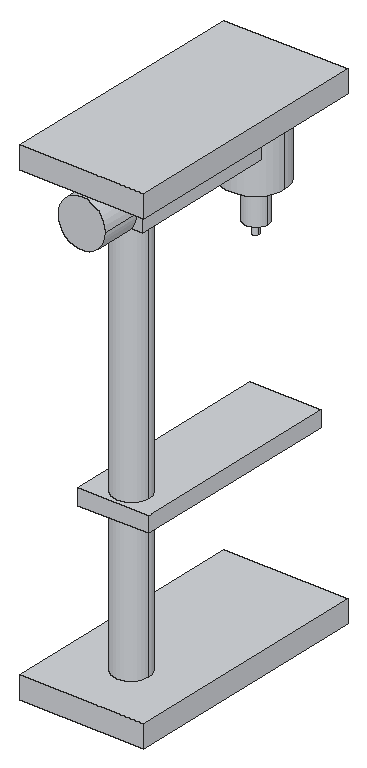
Revit family "Станок сверлильный JET JDP-10M", category Оборудование, Revit 2017
Family settings
  Размер круглого соединителя = Использовать диаметр
  Тип детали = Нормальный
  На основе рабочей плоскости = Нет
  Всегда вертикально = Да
  При загрузке вырезать с полостями = Нет
  Общий = Да
  Точка расчета площади = Нет
Parameters (values of type "Станок вертикально-сверлильный")
  Ширина = 210 mm
  Число полюсов = 1
  Примечание ЭМ [instance] = ""
  Примечание АР [instance] = ""
  Позиция = ""
  Description = ""
  Обозначение = "JDP-10M"
  Напряжение = 220 V
  Наименование = "Станок вертикально-сверлильный"
  Мощность номинальная = 400 W
  Масса = "43"
  Код оборудования = ""
  Manufacturer = ""
  Задание = "ЭМ"
  Завод = ""
  Единицы = "шт."
  Глубина = 430 mm
  Высота = 840 mm
Reference planes
  plane 1 "По центру (Вперед/Назад)": y = 0
  plane 2: z = 0
  plane 3 "По центру (Влево/Вправо)": x = 0
  plane 4: y = 430
  plane 5: x = 210
  plane 6: x = 105
  plane 7: z = 840
Forms (mm)
  Extrusion 1, solid
    sketch origin (0, 0, 0) x (1, 0, 0) y (0, 1, 0)
      loop
        line (0, 430) -> (0, 0) -> (210, 0) -> (210, 430) -> (0, 430)
    from 0 to 37.348
  Extrusion 2, solid
    sketch origin (0, 0, 802.652) x (1, 0, 0) y (0, 1, 0)
      loop
        line (0, 430) -> (0, 0) -> (210, 0) -> (210, 430) -> (0, 430)
    from 0 to 37.348
  Extrusion 3, solid
    sketch origin (0.889, 41.804, 0) x (1, 0, 0) y (0, 1, 0)
      loop
        circle (105, 60.937) r 30
    from 37.348 to 802.652
  Extrusion 4, solid
    sketch origin (0.271, 36.732, 0) x (1, 0, 0) y (0, 1, 0)
      loop
        line (164.729, 28.268) -> (164.729, 393.268) -> (44.729, 393.268) -> (44.729, 28.268) -> (164.729, 28.268)
    from 281.524 to 308.231
  Extrusion 5, solid
    sketch origin (0, 0, 0) x (1, 0, 0) y (0, 1, 0)
      loop
        circle (105, 365.847) r 50
    from 666.755 to 802.652
  Extrusion 6, solid
    sketch origin (0, 0, 0) x (1, 0, 0) y (0, 1, 0)
      loop
        circle (105, 367.403) r 20
    from 602.399 to 666.755
  Extrusion 7, solid
    sketch origin (0, 0, 0) x (1, 0, 0) y (0, 0, 1)
      loop
        circle (105, 758.168) r 40
    from -65 to 0
  Extrusion 8, solid
    sketch origin (0, 0, 0) x (1, 0, 0) y (0, 1, 0)
      loop
        circle (105, 366.96) r 5
    from 582.247 to 602.399
  Extrusion 9, solid
    sketch origin (0, 0, 0) x (1, 0, 0) y (0, 1, 0)
      loop
        arc (155, 314.579) -> (105, 264.579) -> (55, 314.579) r 50
        line (55, 314.579) -> (55, 65) -> (155, 65) -> (155, 314.579)
    from 733.119 to 802.652
Dimensions and locks
  "Глубина": plane 4 to plane 1 "По центру (Вперед/Назад)"
  "Ширина": plane 3 "По центру (Влево/Вправо)" to plane 5
  equal spacing: plane 3 "По центру (Влево/Вправо)", plane 6, plane 5
  "Высота": plane 7 to level
  aligned and locked: level to plane 2
  aligned and locked: Extrusion 1 sketch curve to plane 4
  aligned and locked: plane 3 "По центру (Влево/Вправо)" to Extrusion 1 sketch curve
  aligned and locked: Extrusion 1 sketch curve to plane 1 "По центру (Вперед/Назад)"
  aligned and locked: Extrusion 1 sketch curve to plane 5
  aligned and locked: Extrusion 3 to Extrusion 2
  aligned and locked: Extrusion 3 to Extrusion 1
  aligned and locked: Extrusion 5 to Extrusion 2
  aligned and locked: Extrusion 6 to Extrusion 5
  aligned and locked: Extrusion 7 to Extrusion 4
  aligned and locked: plane 1 "По центру (Вперед/Назад)" to Extrusion 7
  aligned and locked: plane 4 to Extrusion 4
  aligned and locked: Extrusion 8 to Extrusion 6
  aligned and locked: Extrusion 9 to Extrusion 2
  aligned and locked: Extrusion 9 to Extrusion 7
Automatic sketch dimensions
  plane 1 "По центру (Вперед/Назад)" to Extrusion 2 sketch curve = 0 mm
  Extrusion 2 sketch curve to plane 3 "По центру (Влево/Вправо)" = 0 mm
  Extrusion 2 sketch curve to plane 5 = 0 mm
  Extrusion 2 sketch curve to plane 4 = 0 mm
  Extrusion 3 sketch curve to plane 6 = 0.889 mm
  Extrusion 3 sketch curve to plane 1 "По центру (Вперед/Назад)" = 102.741 mm
  plane 3 "По центру (Влево/Вправо)" to Extrusion 4 sketch curve = 45 mm
  Extrusion 4 sketch curve to plane 5 = 45 mm
  Extrusion 4 sketch curve to plane 1 "По центру (Вперед/Назад)" = 65 mm
  Extrusion 4 sketch curve to Extrusion 4 sketch curve = 365 mm
  Extrusion 5 sketch curve to plane 6 = 0 mm
  Extrusion 5 sketch curve to plane 4 = 64.153 mm
  Extrusion 6 sketch curve to plane 6 = 0 mm
  Extrusion 6 sketch curve to plane 4 = 62.597 mm
  plane 6 to Extrusion 7 sketch curve = 0 mm
  Extrusion 7 sketch curve to plane 7 = 81.832 mm
  Extrusion 8 sketch curve to plane 6 = 0 mm
  Extrusion 8 sketch curve to plane 4 = 63.04 mm
  Extrusion 9 sketch curve to plane 1 "По центру (Вперед/Назад)" = 65 mm
  Extrusion 9 sketch curve to plane 6 = 0 mm
  plane 6 to Extrusion 9 sketch curve = 50 mm
  Extrusion 9 sketch curve to plane 4 = 115.421 mm
  radius of Extrusion 3 sketch curve = 30 mm
  radius of Extrusion 5 sketch curve = 50 mm
  radius of Extrusion 6 sketch curve = 20 mm
  radius of Extrusion 7 sketch curve = 40 mm
  radius of Extrusion 8 sketch curve = 5 mm
Connectors
  electrical at (105, 0, 758.168)
    settings: on Extrusion 7, index 1, voltage 0 V, apparent load 0 VA, apparent load phase1 0 VA, apparent load phase2 0 VA, apparent load phase3 0 VA, power factor 1, load classification "Прочее", number of poles 1, system type 31, power factor state 1, is connector primary yes, connector utility no, sub classification motor no, connector description ""
